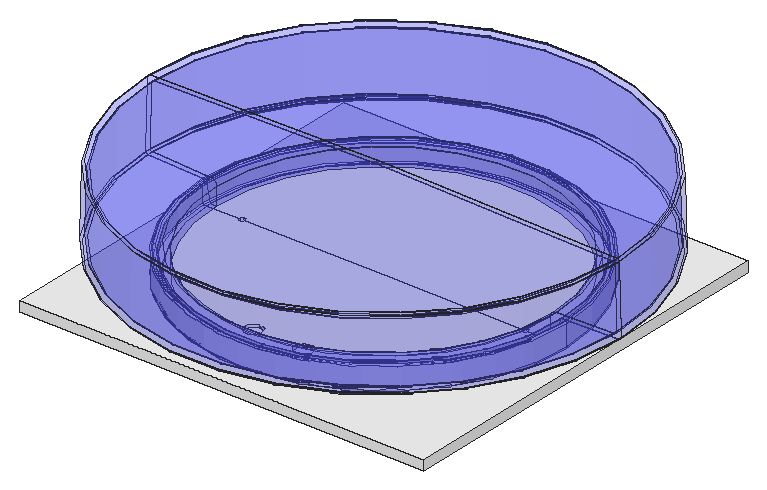
Revit family "BE_23315_de_DE", category Leuchten, Revit 2015
Parameters (values of type "BEGA_23315_K4")
  built-in parameter 1150104 = 12.839 (stored number, unit not read)
  Wattage = 37.8 W
  Default Elevation = 0 mm
  built-in parameter 1150113 = 1 (stored number, unit not read)
  built-in parameter 1114218 = 1 (stored number, unit not read)
  Umgebungstemperatur = ""
  URL = "http://www.bega.de/produkt/23315"
  Typenkommentare = "© 2017 BEGA. Wir behalten uns das Recht vor, technische Änderungen ohne vorherige Ankündigung vorzunehmen."  # constant formula
  built-in parameter 1150134 = 12
  built-in parameter 1150109 = 1 (stored number, unit not read)
  Strom = ""
  built-in parameter 1150110 = 1 (stored number, unit not read)
  Spannung = 239.996 V
  Sonderanfertigung = no
  Seriennummer [instance] = "Hier können Sie die eindeutige Seriennummer für das Facility Management eintragen."
  Schutzklasse = "I"
  Schutzart = "IP 44"
  Scheinlast = 0 VA
  Produktdatenblatt = "http://www.bega.de/download/Xrfa/db/23315.db.de.pdf"
  Oberflächentemperatur = ""
  Neigungswinkel = 0.00°
  Modell = "23315K4"
  Material_17 = BEGA_Reflektor
  Material_15 = BEGA_Leuchtmedium_matt
  Material_11 = BEGA_Glas_opal
  Material_09 = BEGA_Glas_klar
  Material_06 = BEGA_Oberfläche_Edelstahl_gebürstet
  Material_05 = BEGA_Oberfläche_Aluminium Guss
  Material_03 = BEGA_Oberfläche_Weiss_matt
  Material_02 = BEGA_Oberfläche_Silber_matt
  Material_01 [instance] = BEGA_Oberfläche_Grafit_matt
  M_W = no
  M_G = no
  M_A = no
  Logo = 0
  built-in parameter 1114217 = 1 (stored number, unit not read)
  built-in parameter 1150139 = (empty or 0)
  built-in parameter 1150105 = 1304 (stored number, unit not read)
  built-in parameter 1150114 = 1 (stored number, unit not read)
  Lumens = 5223.96 lm
  built-in parameter 1150115 = 1 (stored number, unit not read)
  Leuchtenlichtstrom = "3108 lm"
  Leuchtenanzahl = ""
  Lebensdauerkriterien = "L70B50 @ 25 °C =  h"
  Lastklassifizierung = Beleuchtung
  built-in parameter 1150112 = 1 (stored number, unit not read)
  Lampenlichtstrom = "5225 lm"
  Lampe = "LED 37.8 W"
  LED_Modulbezeichnung = "LED-0531/840 "
  built-in parameter 1150142 = (empty or 0)
  Hersteller = "BEGA"  # constant formula
  Halbstreuwinkel = ""
  Gewicht = "8.6 kg"
  Gebrauchslageneinschränkung [instance] = ""
  Frequenz = "0/50-60 Hz"
  Farbwiedergabeindex = "Ra > 80"
  Farbtemperaturverschiebung bei Dämpfen der Lampe = <Keine Auswahl>
  Farbtemperatur = "4000 K"
  Color Filter = 16777215
  built-in parameter 1150133 = 10 (stored number, unit not read)
  Energieeffizienzklasse = "LED A++ - A"
  built-in parameter 1150137 = (empty or 0)
  built-in parameter 1150132 = (empty or 0)
  ENEC = ""
  Dimmbar [instance] = "DALI"
  Datei für fotometrisches Netz = "BE_23315K4.IES"
  CE_Konformität = "ja"
  Bestellnummer = "23315K4"
  Beschreibung_Sonderanfertigung = "Hier können Sie Informationen zur Sonderanfertigung eintragen."
  Beschreibung = "Wandleuchte"
  built-in parameter 1150106 = 13.04 (stored number, unit not read)
  Befestigungsbohrung = "Ø 5,5 mm"
  Befestigungsabstand = "280 mm"
  Ballwurfsicher = ""
  BEGA_Intern_aus = yes
  BEGA_Intern_an = yes
  BEGA_Intern_Konstruktion = yes
  BEGA_Intern = yes
  BEGA_IES = yes
  BEGA_Dummy = no
  Anschlussleitung = ""
  Anschlussleistung [instance] = "43.5 W"
  Anschlusskasten = ""
  built-in parameter 1150107 = 4000 (stored number, unit not read)
  built-in parameter 1150102 = (empty or 0)
  built-in parameter 1150138 = (empty or 0)
  Aktualisierung = "2017-07-12T04:08:54"
  Abstand_zur_angestrahlten_Fläche [instance] = ""
  AC/DC = "AC/DC"
Types (2, lengths in mm): name | built-in parameter 1150134 | Modell | LED_Modulbezeichnung | Farbtemperatur | Datei für fotometrisches Netz | Bestellnummer | built-in parameter 1150107
  BEGA_23315_K3 | (empty or 0) | "23315" | "LED-0531/830 " | "3000 K" | "BE_23315.IES" | "23315" | 3000 (stored number, unit not read)
  BEGA_23315_K4 | 12 | "23315K4" | "LED-0531/840 " | "4000 K" | "BE_23315K4.IES" | "23315K4" | 4000 (stored number, unit not read)
Reference planes
  plane 1 "Mitte (Vorne/Hinten)": y = 0
  plane 2: z = 0
  plane 3 "Mitte (Links/Rechts)": x = 0
  plane 4 "Links": x = -234.948
  plane 5 "Rechts": x = 234.948
  plane 6 "Unten": y = -235
  plane 7 "Oben": y = 235
  plane 8 "Vorne": z = 105.052
  plane 9 "Hinten": z = 0
Forms (mm)
  Extrusion 1, solid, material "BEGA_Platte_Weiss"
    sketch origin (0, -1119.2, 0) x (1, 0, 0) y (0, 1, 0)
      loop
        line (-200, 1319.2) -> (-200, 919.2) -> (200, 919.2) -> (200, 1319.2) -> (-200, 1319.2)
    from 0 to -10
  Extrusion 2, solid, material "BEGA_Dummy_matt", visible <- "BEGA_Dummy"
    sketch origin (77.149, -76.023, 0) x (1, 0, 0) y (0, 1, 0)
      loop
        circle (-77.149, 76.023) r 235
    from 0 to 105.052
Dimensions and locks
  plane 1 "Mitte (Vorne/Hinten)" to Extrusion 1 = 200 mm
  aligned and locked: plane 2 to Extrusion 1
  aligned and locked: level to Extrusion 1
Nested families
  nested 1: "BE_23315" at (0, 0, 0), type "BE_23315"
Connectors
  electrical at (0, 0, 0), driven by "Lastklassifizierung", driven by "Spannung", driven by "Scheinlast"
    settings: index 1, voltage 239.996 V, apparent load 0 VA, apparent load phase1 0 VA, apparent load phase2 0 VA, apparent load phase3 0 VA, power factor 1, load classification "Beleuchtung", number of poles 1, system type 31, power factor state 1, is connector primary yes, connector utility no, sub classification motor no, connector description ""
Definition of nested family "BE_23315"
  Parameters (values of type "BE_23315")
    Default Elevation = 1 mm
    URL = "http://www.bega.de/de/produkt"
    Type Comments = "© 2015 BEGA. Wir behalten uns das Recht vor, technische Änderungen ohne vorherige Ankündigung vorzunehmen. "  # constant formula
    Type Image = (empty or 0)
    Neigungswinkel_um_Z2 = 0.00°
    Neigungswinkel_um_Z1 = 0.00°
    Neigungswinkel_um_Y2 = 0.00°
    Neigungswinkel_um_Y1 = 0.00°
    Neigungswinkel_um_X2 = 0.00°
    Neigungswinkel_um_X1 = 0.00°
    Material_17 = none
    Material_15 = none
    Material_11 = none
    Material_09 = none
    Material_06 = none
    Material_05 = none
    Material_03 = none
    Material_02 = none
    Material_01 = none
    M_W = yes
    M_G = yes
    M_A = yes
    Länge_Platte = 500 mm  # constant formula
    Höhe_Platte = -10 mm  # constant formula
    Manufacturer = "BEGA"  # constant formula
    Drehwinkel_um_Z2 = 0.00°
    Drehwinkel_um_Z1 = 0.00°
    Breite_Platte = 500 mm  # constant formula
  Reference planes
    plane 1 "Mitte (Oben/Unten)": y = 0
    plane 2: z = 0
    plane 3 "Mitte (Links/Rechts)": x = 0
    plane 4: x = -234.948
    plane 5: z = 105.052
    plane 6: x = 234.948
    plane 7: y = -235
    plane 8: y = 235
  Forms (mm)
    Extrusion 1, solid, detail levels medium
      sketch origin (0, 0, 0) x (1, 0, 0) y (0, 1, 0)
        loop
          line (-250, 250) -> (-250, -250) -> (250, -250) -> (250, 250) -> (-250, 250)
      from 0 to -10 <- "Höhe_Platte"
    Revolve 2, solid, material <- "Material_03", detail levels medium+fine
      sketch origin (0, 0, 0) x (1, 0, 0) y (0, 0, 1)
        loop
          line (0, 5) -> (-178.6, 5)
          arc (-178.6, 5) -> (-179.307, 5.293) -> (-179.6, 6) r 1
          line (-179.6, 6) -> (-179.6, 25.938) -> (-176.438, 23.724) -> (-175.75, 24.707) -> (-178.676, 26.756)
          arc (-178.676, 26.756) -> (-179.149, 26.966) -> (-179.667, 26.982) r 1.35
          arc (-179.667, 26.982) -> (-180.476, 26.528) -> (-180.8, 25.659) r 1.35
          line (-180.8, 25.659) -> (-180.8, 5)
          arc (-180.8, 5) -> (-180.214, 3.586) -> (-178.8, 3) r 2
          line (-178.8, 3) -> (0, 3) -> (0, 5)
        axis (0, 3) -> (0, 26.982)
      angle from 0 to 360
    Extrusion 3, void
      sketch origin (0, 0, 0) x (1, 0, 0) y (0, 1, 0)
        loop
          circle (-25, -130) r 8.5
        loop
          circle (25, -130) r 8.5
        loop
          circle (-140, 0) r 2.75
        loop
          circle (140, 0) r 2.75
      from 0 to 6.5
    Revolve 4, solid, material <- "Material_11", detail levels medium+fine
      sketch origin (0, 0, 0) x (1, 0, 0) y (0, 0, 1)
        loop
          arc (0, 105.052) -> (-115.646, 104.068) -> (-231.259, 101.116) r 6796.32
          arc (-231.259, 101.116) -> (-232.613, 100.523) -> (-233.19, 99.162) r 2
          line (-233.19, 99.162) -> (-234.948, 32.034)
          arc (-234.948, 32.034) -> (-234.405, 30.61) -> (-233.016, 29.982) r 2
          line (-233.016, 29.982) -> (-176.25, 28)
          arc (-176.25, 28) -> (-175.332, 27.647) -> (-174.83, 26.8) r 1.5
          line (-174.83, 26.8) -> (-171, 8) -> (-165, 8) -> (-165, 25.82)
          arc (-165, 25.82) -> (-166.685, 29.984) -> (-170.788, 31.812) r 6
          line (-170.788, 31.812) -> (-228.913, 33.842)
          arc (-228.913, 33.842) -> (-230.305, 34.472) -> (-230.845, 35.901) r 2
          line (-230.845, 35.901) -> (-229.297, 95.163)
          arc (-229.297, 95.163) -> (-228.722, 96.522) -> (-227.37, 97.115) r 1.997
          arc (-227.37, 97.115) -> (-113.702, 100.066) -> (0, 101.05) r 6571.102
          line (0, 101.05) -> (0, 105.052)
        axis (0, 105.052) -> (0, 8)
      angle from 0 to 360
    Revolve 5, solid, material <- "Material_03", detail levels medium+fine
      sketch origin (-32.527, -32.527, 0) x (-0.707107, -0.707107, 0) y (0, 0, 1)
        loop
          arc (112.946, 3.261) -> (115.562, 0.867) -> (119, 0) r 7.25
          line (119, 0) -> (119, 3.261) -> (112.946, 3.261)
        axis (119, 0) -> (119, 3.261)
      angle from 0 to 360
    Revolve 6, solid, material <- "Material_03", detail levels medium+fine
      sketch origin (-32.527, 32.527, 0) x (-0.707107, 0.707107, 0) y (0, 0, 1)
        loop
          arc (112.946, 3.261) -> (115.562, 0.867) -> (119, 0) r 7.25
          line (119, 0) -> (119, 3.261) -> (112.946, 3.261)
        axis (119, 0) -> (119, 3.261)
      angle from 0 to 360
    Revolve 7, solid, material <- "Material_03", detail levels medium+fine
      sketch origin (32.527, -32.527, 0) x (0.707107, -0.707107, 0) y (0, 0, 1)
        loop
          arc (112.946, 3.261) -> (115.562, 0.867) -> (119, 0) r 7.25
          line (119, 0) -> (119, 3.261) -> (112.946, 3.261)
        axis (119, 0) -> (119, 3.261)
      angle from 0 to 360
    Revolve 8, solid, material <- "Material_03", detail levels medium+fine
      sketch origin (32.527, 32.527, 0) x (0.707107, 0.707107, 0) y (0, 0, 1)
        loop
          arc (112.946, 3.261) -> (115.562, 0.867) -> (119, 0) r 7.25
          line (119, 0) -> (119, 3.261) -> (112.946, 3.261)
        axis (119, 0) -> (119, 3.261)
      angle from 0 to 360
  Cuts and joins
    Extrusion 3 cuts Revolve 2
    joined: Revolve 2, Revolve 5, Revolve 6, Revolve 7, Revolve 8
  Dimensions and locks
    equal spacing: Extrusion 1 sketch curve, plane 3 "Mitte (Links/Rechts)", Extrusion 1 sketch curve
    equal spacing: Extrusion 1 sketch curve, plane 1 "Mitte (Oben/Unten)", Extrusion 1 sketch curve
    "Länge_Platte": Extrusion 1 sketch curve to Extrusion 1 sketch curve
    "Breite_Platte": Extrusion 1 sketch curve to Extrusion 1 sketch curve
    aligned and locked: Extrusion 1 to plane 2
    aligned and locked: level to Extrusion 1
  Automatic sketch dimensions
    Revolve 2 sketch curve to plane 3 "Mitte (Links/Rechts)" = 0 mm  (x2)
    Revolve 2 sketch curve to Revolve 2 sketch curve = 0.688 mm
    level to Revolve 2 sketch curve = 6 mm
    Revolve 2 sketch curve to Revolve 2 sketch curve = 0.2 mm
    Revolve 2 sketch curve to Revolve 2 sketch curve = 3.012 mm
    Revolve 2 sketch curve to Revolve 2 sketch curve = 0 mm  (x9)
    Revolve 2 sketch curve to Revolve 2 sketch curve = 1 mm  (x2)
    Revolve 2 sketch curve to Revolve 2 sketch curve = 1.2 mm
    Revolve 2 sketch curve to Revolve 2 sketch curve = 2 mm
    Revolve 2 sketch curve to Revolve 2 sketch curve = 17.724 mm
    Revolve 2 sketch curve to Revolve 2 sketch curve = 0.983 mm
    Revolve 2 sketch curve to Revolve 2 sketch curve = 1.926 mm
    Revolve 2 sketch curve to Revolve 2 sketch curve = 0.009 mm
    Revolve 2 sketch curve to Revolve 2 sketch curve = 0.288 mm
    Revolve 2 sketch curve to Revolve 2 sketch curve = 0.924 mm
    Revolve 2 sketch curve to Revolve 2 sketch curve = 0.991 mm
    Revolve 2 sketch curve to level = 1.05 mm
    Revolve 2 sketch curve to Revolve 2 sketch curve = 3.036 mm
    Extrusion 3 sketch curve to plane 3 "Mitte (Links/Rechts)" = 25 mm
    plane 3 "Mitte (Links/Rechts)" to Extrusion 3 sketch curve = 25 mm
    Extrusion 3 sketch curve to Extrusion 3 sketch curve = 0 mm
    plane 1 "Mitte (Oben/Unten)" to Extrusion 3 sketch curve = 0 mm  (x2)
    Revolve 4 sketch curve to plane 3 "Mitte (Links/Rechts)" = 0 mm  (x3)
    Revolve 4 sketch curve to Revolve 4 sketch curve = 5.788 mm
    Revolve 4 sketch curve to Revolve 4 sketch curve = 6 mm  (x2)
    Revolve 4 sketch curve to Revolve 4 sketch curve = 3.83 mm
    Revolve 4 sketch curve to Revolve 4 sketch curve = 1.42 mm
    Revolve 4 sketch curve to Revolve 4 sketch curve = 1.47 mm
    Revolve 4 sketch curve to Revolve 4 sketch curve = 0.066 mm
    Revolve 4 sketch curve to Revolve 4 sketch curve = 1.997 mm
    Revolve 4 sketch curve to Revolve 4 sketch curve = 1.999 mm  (x3)
    Revolve 4 sketch curve to Revolve 4 sketch curve = 1.893 mm
    Revolve 4 sketch curve to Revolve 4 sketch curve = 4.036 mm
    Revolve 4 sketch curve to Revolve 4 sketch curve = 0.067 mm
    Revolve 4 sketch curve to Revolve 4 sketch curve = 2 mm
    plane 3 "Mitte (Links/Rechts)" to Revolve 4 sketch curve = 0.011 mm
    level to Revolve 4 sketch curve = 35.901 mm
    Revolve 4 sketch curve to Revolve 4 sketch curve = 0.06 mm
    Revolve 4 sketch curve to Revolve 4 sketch curve = 1.86 mm
    level to Revolve 4 sketch curve = 31.812 mm
    Revolve 4 sketch curve to Revolve 4 sketch curve = 3.812 mm
    Revolve 4 sketch curve to Revolve 4 sketch curve = 1.2 mm
    Revolve 4 sketch curve to Revolve 4 sketch curve = 5.991 mm
    level to Revolve 4 sketch curve = 8 mm
    Revolve 4 sketch curve to level = 6470.052 mm
    Revolve 4 sketch curve to Revolve 4 sketch curve = 221.217 mm
    Revolve 4 sketch curve to Revolve 4 sketch curve = 0.044 mm  (x2)
    Revolve 4 sketch curve to Revolve 4 sketch curve = 4.002 mm
    Revolve 4 sketch curve to Revolve 4 sketch curve = 0.068 mm
    Revolve 4 sketch curve to Revolve 4 sketch curve = 0 mm  (x3)
    Revolve 4 sketch curve to Revolve 4 sketch curve = 5.296 mm
    Revolve 5 sketch curve to Revolve 5 sketch curve = 6.054 mm
    Revolve 5 sketch curve to Revolve 5 sketch curve = 0 mm  (x4)
    Revolve 5 sketch curve to Revolve 5 sketch curve = 3.261 mm
    Revolve 6 sketch curve to Revolve 6 sketch curve = 6.054 mm
    Revolve 6 sketch curve to Revolve 6 sketch curve = 0 mm  (x4)
    Revolve 6 sketch curve to Revolve 6 sketch curve = 3.261 mm
    Revolve 7 sketch curve to Revolve 7 sketch curve = 6.054 mm
    Revolve 7 sketch curve to Revolve 7 sketch curve = 0 mm  (x4)
    Revolve 7 sketch curve to Revolve 7 sketch curve = 3.261 mm
    Revolve 8 sketch curve to Revolve 8 sketch curve = 6.054 mm
    Revolve 8 sketch curve to Revolve 8 sketch curve = 0 mm  (x4)
    Revolve 8 sketch curve to Revolve 8 sketch curve = 3.261 mm
    level to Revolve 5 sketch curve = 3.261 mm
    level to Revolve 6 sketch curve = 3.261 mm
    level to Revolve 7 sketch curve = 3.261 mm
    level to Revolve 8 sketch curve = 3.261 mm
    Revolve 2 sketch curve to plane 3 "Mitte (Links/Rechts)" = 175.75 mm
    Revolve 2 sketch curve to Revolve 2 sketch curve = 2.162 mm
    Extrusion 3 sketch curve to plane 3 "Mitte (Links/Rechts)" = 140 mm
    Revolve 4 sketch curve to plane 3 "Mitte (Links/Rechts)" = 165 mm
    Revolve 4 sketch curve to Revolve 4 sketch curve = 51.051 mm
    Revolve 4 sketch curve to Revolve 4 sketch curve = 52.597 mm
    Revolve 4 sketch curve to Revolve 4 sketch curve = 59.278 mm
    Revolve 4 sketch curve to Revolve 4 sketch curve = 2.003 mm
    level to Revolve 4 sketch curve = 101.05 mm
    Revolve 4 sketch curve to Revolve 4 sketch curve = 3.933 mm
    plane 3 "Mitte (Links/Rechts)" to Extrusion 3 sketch curve = 140 mm
    plane 1 "Mitte (Oben/Unten)" to Extrusion 3 sketch curve = 130 mm
    radius of Extrusion 3 sketch curve = 8.5 mm  (x2)
    radius of Extrusion 3 sketch curve = 2.75 mm  (x2)
